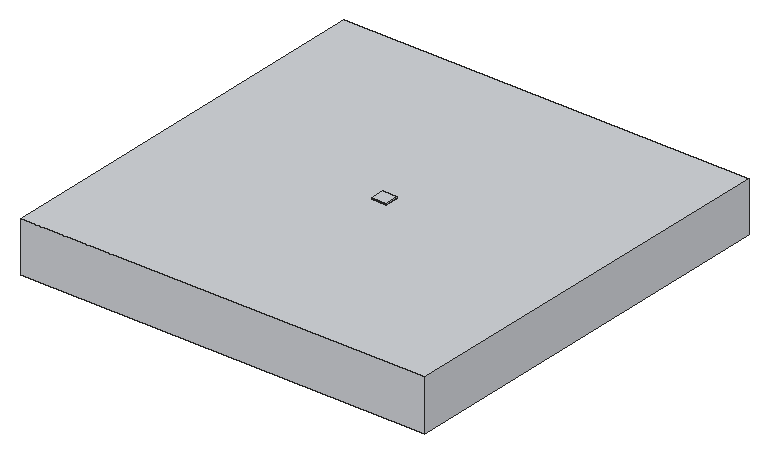
Revit family "双联电脑信息插座", category 数据设备, Revit 2020
Family settings
  主体 = 面
  保持注释方向 = 是
  圆形连接件大小 = 使用直径
  零件类型 = 标准
  加载时剪切的空心 = 否
  共享 = 否
  房间计算点 = 否
Parameters (values of type "标准")
  宽度 = 长度  # 86.00 mm
  半径 2 = 9.00 mm
  半径 1 = 11.00 mm
  材质 = none
  长度 4 = 8.57 mm
  长度 3 = 6.38 mm
  长度 2 = 4.19 mm
  长度 1 = 5.50 mm
  长度 = 86.00 mm
  高度 = 50.00 mm
  默认高程 = 1200.00 mm
Reference planes
  plane 1 "中心(前/后)": y = 0
  plane 2: z = 0
  plane 3 "中心(左/右)": x = 0
  plane 4: x = -43
  plane 5: x = 43
  plane 6: y = -43
  plane 7: y = 43
  plane 8: z = 7
  plane 9: y = 37.5
  plane 10: y = -37.5
  plane 11: z = -50
  plane 12: z = -25
  plane 13: y = -18.75
  plane 14: y = 18.75
  plane 15: x = -21.5
  plane 16: x = 21.5
  plane 17: y = -6.96
  plane 18: y = 1.7
  plane 19: y = 2.97
  plane 20: x = -23.595
  plane 21: x = -19.405
  plane 22: x = -24.69
  plane 23: x = -18.31
  plane 24: x = -25.785
  plane 25: x = -17.215
  plane 26: x = 19.405
  plane 27: x = 23.595
  plane 28: x = 18.31
  plane 29: x = 24.69
  plane 30: x = 17.215
  plane 31: x = 25.785
Forms (mm)
  Extrusion 1, solid
    sketch origin (0, 0, 0) x (1, 0, 0) y (0, 1, 0)
      loop
        line (-1219.2, 1219.2) -> (-1219.2, -1219.2) -> (1219.2, -1219.2) -> (1219.2, 1219.2) -> (-1219.2, 1219.2)
    from 0 to -304.8
  Extrusion 2, solid, material <- "材质", detail levels fine
    sketch origin (0, 0, 0) x (1, 0, 0) y (0, 1, 0)
      loop
        line (-43, 43) -> (-43, -43) -> (43, -43) -> (43, 43) -> (-43, 43)
    from 0 to 7
  Extrusion 3, solid, material <- "材质", detail levels fine
    sketch origin (0, 0, 0) x (1, 0, 0) y (0, 1, 0)
      loop
        line (-43, 37.5) -> (-43, -37.5) -> (43, -37.5) -> (43, 37.5) -> (-43, 37.5)
    from -50 to 0
  Extrusion 4, solid, material <- "材质", detail levels coarse+medium
    sketch origin (-135.292, -4572, 7) x (-1, 0, 0) y (0, -1, 0)
      loop
        line (-92.292, -4615) -> (-92.292, -4529) -> (-178.292, -4529) -> (-178.292, -4615) -> (-92.292, -4615)
    from 0 to -7
  Extrusion 5, solid, material <- "材质", detail levels coarse+medium
    sketch origin (-135.292, -4572, 7) x (-1, 0, 0) y (0, -1, 0)
      loop
        line (-92.292, -4609.5) -> (-92.292, -4534.5) -> (-178.292, -4534.5) -> (-178.292, -4609.5) -> (-92.292, -4609.5)
    from -7 to -57
Lines and regions (mm)
  model lines, detail levels medium+fine
    curve 1: circle (43, -18.75, -25) r 11 normal (1, 0, 0)
    curve 2: circle (43, 18.75, -25) r 9 normal (1, 0, 0)
    curve 3: line (-19.405, 2.97, 7) -> (-23.595, 2.97, 7)
    curve 4: line (-23.595, 1.7, 7) -> (-24.69, 1.7, 7)
    curve 5: line (-23.595, 2.97, 7) -> (-23.595, 1.7, 7)
    curve 6: line (-24.69, 1.7, 7) -> (-24.69, 0, 7)
    curve 7: line (-25.785, 0, 7) -> (-24.69, 0, 7)
    curve 8: line (-25.785, 0, 7) -> (-25.785, -6.96, 7)
    curve 9: line (-25.785, -6.96, 7) -> (-17.215, -6.96, 7)
    curve 10: line (-19.405, 2.97, 7) -> (-19.405, 1.7, 7)
    curve 11: line (-19.405, 1.7, 7) -> (-18.31, 1.7, 7)
    curve 12: line (-18.31, 1.7, 7) -> (-18.31, 0, 7)
    curve 13: line (-18.31, 0, 7) -> (-17.215, 0, 7)
    curve 14: line (-17.215, 0, 7) -> (-17.215, -6.96, 7)
    curve 15: line (23.595, 2.97, 7) -> (19.405, 2.97, 7)
    curve 16: line (19.405, 2.97, 7) -> (19.405, 1.7, 7)
    curve 17: line (18.31, 1.7, 7) -> (19.405, 1.7, 7)
    curve 18: line (18.31, 1.7, 7) -> (18.31, 0, 7)
    curve 19: line (18.31, 0, 7) -> (17.215, 0, 7)
    curve 20: line (17.215, 0, 7) -> (17.215, -6.96, 7)
    curve 21: line (17.215, -6.96, 7) -> (25.785, -6.96, 7)
    curve 22: line (23.595, 2.97, 7) -> (23.595, 1.7, 7)
    curve 23: line (23.595, 1.7, 7) -> (24.69, 1.7, 7)
    curve 24: line (24.69, 1.7, 7) -> (24.69, 0, 7)
    curve 25: line (24.69, 0, 7) -> (25.785, 0, 7)
    curve 26: line (25.785, 0, 7) -> (25.785, -6.96, 7)
Dimensions and locks
  equal spacing: plane 4, plane 3 "中心(左/右)", plane 5
  "长度": plane 4 to plane 5
  equal spacing: plane 7, plane 1 "中心(前/后)", plane 6
  "宽度": plane 7 to plane 6
  locked: plane 8 to plane 2 at 7
  "长度 1": plane 10 to plane 6
  "长度 1": plane 7 to plane 9
  "高度": plane 2 to plane 11
  equal spacing: plane 2, plane 12, plane 11
  equal spacing: plane 10, plane 13, plane 1 "中心(前/后)"
  equal spacing: plane 1 "中心(前/后)", plane 14, plane 9
  equal spacing: plane 4, plane 15, plane 3 "中心(左/右)"
  equal spacing: plane 3 "中心(左/右)", plane 16, plane 5
  locked: plane 17 to plane 1 "中心(前/后)" at 6.96
  locked: plane 1 "中心(前/后)" to plane 18 at 1.7
  locked: plane 19 to plane 18 at 1.27
  equal spacing: plane 20, plane 15, plane 21
  equal spacing: plane 22, plane 15, plane 23
  equal spacing: plane 24, plane 15, plane 25
  "长度 2": plane 20 to plane 21
  "长度 3": plane 22 to plane 23
  "长度 4": plane 24 to plane 25
  equal spacing: plane 26, plane 16, plane 27
  "长度 2": plane 26 to plane 27
  equal spacing: plane 28, plane 16, plane 29
  "长度 3": plane 28 to plane 29
  equal spacing: plane 30, plane 16, plane 31
  "长度 4": plane 30 to plane 31
  "半径 1": radius of curve 1
  "半径 2": radius of curve 2
  aligned and locked: plane 2 to Extrusion 1
  aligned and locked: level to Extrusion 1
  aligned and locked: Extrusion 2 sketch curve to plane 7
  aligned and locked: plane 4 to Extrusion 2 sketch curve
  aligned and locked: plane 6 to Extrusion 2 sketch curve
  aligned and locked: Extrusion 2 sketch curve to plane 5
  aligned and locked: Extrusion 2 to plane 2
  aligned and locked: plane 8 to Extrusion 2
  aligned and locked: Extrusion 3 sketch curve to plane 9
  aligned and locked: Extrusion 3 sketch curve to plane 5
  aligned and locked: plane 10 to Extrusion 3 sketch curve
  aligned and locked: plane 4 to Extrusion 3 sketch curve
  aligned and locked: Extrusion 3 to plane 11
  aligned and locked: plane 2 to Extrusion 3
  aligned and locked: plane 12 to curve 1
  aligned and locked: plane 12 to curve 2
  aligned and locked: plane 14 to curve 2
  aligned and locked: plane 13 to curve 1
  aligned and locked: plane 19 to curve 5
  aligned and locked: plane 18 to curve 5
  aligned and locked: curve 5 to plane 20
  aligned and locked: plane 20 to curve 4
  aligned and locked: plane 1 "中心(前/后)" to curve 6
  aligned and locked: plane 18 to curve 6
  aligned and locked: curve 6 to plane 22
  aligned and locked: plane 22 to curve 7
  aligned and locked: plane 1 "中心(前/后)" to curve 7
  aligned and locked: curve 8 to plane 24
  aligned and locked: plane 24 to curve 9
  aligned and locked: plane 25 to curve 9
  aligned and locked: curve 9 to plane 17
  aligned and locked: plane 19 to curve 10
  aligned and locked: curve 10 to plane 21
  aligned and locked: plane 21 to curve 11
  aligned and locked: curve 11 to plane 18
  aligned and locked: plane 18 to curve 12
  aligned and locked: curve 12 to plane 23
  aligned and locked: plane 23 to curve 13
  aligned and locked: plane 1 "中心(前/后)" to curve 13
  aligned and locked: plane 1 "中心(前/后)" to curve 14
  aligned and locked: plane 17 to curve 14
  aligned and locked: curve 14 to plane 25
  aligned and locked: plane 19 to curve 15
  aligned and locked: plane 19 to curve 16
  aligned and locked: plane 18 to curve 16
  aligned and locked: curve 16 to plane 26
  aligned and locked: plane 26 to curve 17
  aligned and locked: curve 17 to plane 18
  aligned and locked: curve 18 to plane 28
  aligned and locked: plane 28 to curve 19
  aligned and locked: curve 19 to plane 1 "中心(前/后)"
  aligned and locked: plane 1 "中心(前/后)" to curve 20
  aligned and locked: curve 20 to plane 30
  aligned and locked: plane 30 to curve 21
  aligned and locked: plane 31 to curve 21
  aligned and locked: curve 21 to plane 17
  aligned and locked: curve 22 to plane 27
  aligned and locked: plane 27 to curve 23
  aligned and locked: curve 23 to plane 18
  aligned and locked: plane 18 to curve 24
  aligned and locked: curve 24 to plane 29
  aligned and locked: plane 29 to curve 25
  aligned and locked: plane 1 "中心(前/后)" to curve 25
  aligned and locked: plane 17 to curve 26
  aligned and locked: plane 1 "中心(前/后)" to curve 26
  aligned and locked: curve 26 to plane 31
  aligned and locked: plane 6 to Extrusion 4 sketch curve
  aligned and locked: Extrusion 4 sketch curve to plane 5
  aligned and locked: Extrusion 4 sketch curve to plane 7
  aligned and locked: plane 4 to Extrusion 4 sketch curve
  aligned and locked: Extrusion 4 to plane 8
  aligned and locked: Extrusion 4 to plane 2
  aligned and locked: Extrusion 5 sketch curve to plane 9
  aligned and locked: Extrusion 5 sketch curve to plane 5
  aligned and locked: plane 10 to Extrusion 5 sketch curve
  aligned and locked: plane 4 to Extrusion 5 sketch curve
  aligned and locked: plane 2 to Extrusion 5
  aligned and locked: Extrusion 5 to plane 11
  aligned and locked: plane 6 to nested 1
  aligned and locked: nested 1 to plane 3 "中心(左/右)"
Automatic sketch dimensions
  Extrusion 1 sketch curve to Extrusion 1 sketch curve = 2438.40 mm  (x2)
Nested families
  nested 1: "双联电脑信息插座注释" at (0, -43, 0) x (-1, 0, 0) z (0, 0, 1), type "双联电脑信息插座注释", detail levels coarse+medium
Connectors
  electrical at (43, 0, -25)
    settings: on Extrusion 3, index 1, voltage 0 V, apparent load 0 VA, apparent load phase1 0 VA, apparent load phase2 0 VA, apparent load phase3 0 VA, power factor 1, load classification "其他", number of poles 1, system type 5, power factor state 1, is connector primary yes, connector utility no, sub classification motor no, connector description ""
Definition of nested family "双联电脑信息插座注释"
  Reference planes
    plane 1: y = 0
    plane 2: x = 0
  Lines and regions (mm)
    detail lines
      curve 1: line (-2.5, -2.5, 0) -> (2.5, -2.5, 0)
      curve 2: line (0, -2.5, 0) -> (0, 0, 0)
      curve 3: line (-2.5, -2.5, 0) -> (-2.5, -5, 0)
      curve 4: line (2.5, -2.5, 0) -> (2.5, -5, 0)
  Dimensions and locks
    equal spacing: curve 1, plane 2, curve 1
    locked: curve 1 to curve 1 at 5
    aligned and locked: plane 1 to curve 2
    aligned and locked: plane 2 to curve 2
